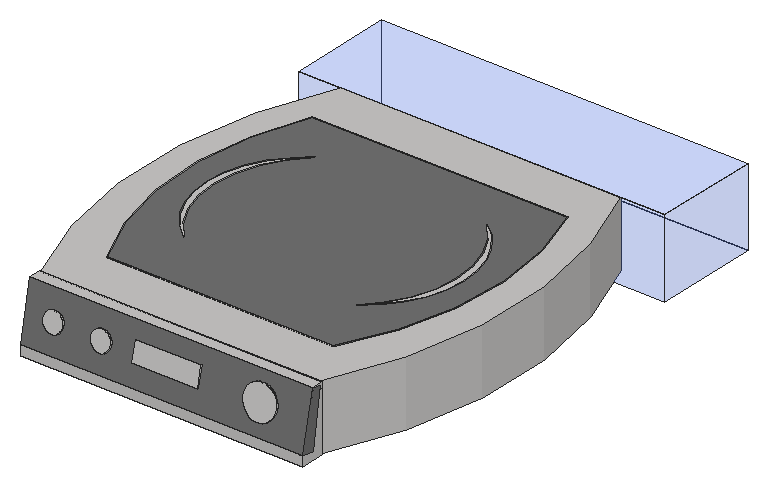
Revit family "QF_Vollrath 59500P", category Specialty Equipment, Revit 2016
Family settings
  Part Type = Normal
  Round Connector Dimension = Use Diameter
  OmniClass Number = 23.40.40.14.17.14
  OmniClass Title = Hot Plates
  Work Plane-Based = No
  Always vertical = Yes
  Cut with Voids When Loaded = No
  Shared = No
  Room Calculation Point = No
Parameters (values of type "59500P")
  Weight in Pounds = 13.65
  Watts = 1800 W
  Watermarked By = "http://revitwatermark.com"
  Volts = 120 V
  URL Cutsheet = ""
  URL = "www.vollrathco.com"
  Status [instance] = ""
  Specification by User [instance] = ""
  Specification by Manufacturer = ""
  Serial Number [instance] = ""
  Seismic Rating [instance] = ""
  Revision Code [instance] = ""
  Phase = 1
  Number of Poles [instance] = 1
  NAFEM Spec ID Number [instance] = ""
  Model = "59500P"
  Masterspec = ""
  Manufacturer = "Vollrath"
  Item Number [instance] = ""
  Installed By [instance] = ""
  Height AFF [instance] = 3' - 0"
  Furnished By [instance] = ""
  Foodservice Equipment Identifier [instance] = yes
  FL Amps = 15 A
  Electrical Remarks [instance] = ""
  Electric Connection Type [instance] = ""
  Elec Conn RI Height [instance] = 0' - 0"
  Elec Conn Connection Height = 0' - 2"
  Description = "Induction Range, Countertop"
  Cycle = 60 Hz
  Conn Plug = "NEMA 5-15P"
  CSI MasterFormat = "11 42 13"
  Assembly Code = "E1090320"
  Apparent Power = if(Phase = 3, Volts * FL Amps * 1.73, Volts * FL Amps)  # 1800 VA
Reference planes (in)
  plane 1: z = 0
  plane 2 "LEFT": x = 48
  plane 3 "BACK": y = -48.065
  plane 4 "BOTTOM": z = 36
  plane 5 "FRONT": y = -63.315
  plane 6 "TOP": z = 39
  plane 7: y = -44.065
  plane 8 "RIGHT": x = 62
  plane 9: z = 36.5
  plane 10: z = 38
  plane 11: x = 50
Forms (in)
  Extrusion 1, solid, material "QF_Finishes_Stainless Steel"
    sketch origin (0, 0, 0) x (1, 0, 0) y (0, 1, 0)
      loop
        line (50.6012, -60.49075) -> (59.26879, -60.49075)
        arc (59.26879, -60.49075) -> (60.7812, -55.30043) -> (59.81973, -49.98043) r 11.79794
        line (59.81973, -49.98043) -> (50.05026, -49.98043)
        arc (50.05026, -49.98043) -> (49.08879, -55.30043) -> (50.6012, -60.49075) r 11.79794
      loop
        line (60.31475, -48.065) -> (49.5999, -48.065)
        arc (49.5999, -48.065) -> (47.99244, -55.22951) -> (49.5999, -62.39402) r 16.77005
        line (49.5999, -62.39402) -> (60.31475, -62.39402)
        arc (60.31475, -62.39402) -> (62.01806, -55.22951) -> (60.31475, -48.065) r 15.91951
    from 36.5 to 39
  Extrusion 2, solid, material "QF_Finishes_Grey"
    sketch origin (0, 0, 0) x (1, 0, 0) y (0, 1, 0)
      loop
        arc (50.05026, -49.98043) -> (49.08879, -55.30043) -> (50.6012, -60.49075) r 11.79794
        line (50.6012, -60.49075) -> (59.26879, -60.49075)
        arc (59.26879, -60.49075) -> (60.7812, -55.30043) -> (59.81973, -49.98043) r 11.79794
        line (59.81973, -49.98043) -> (50.05026, -49.98043)
      loop
        arc (51.64059, -58.08067) -> (50.30465, -54.95567) -> (51.64059, -51.83067) r 4.32294
        arc (51.64059, -51.83067) -> (50.04212, -54.95567) -> (51.64059, -58.08067) r 3.85391
      loop
        arc (58.2294, -58.08067) -> (59.82788, -54.95567) -> (58.2294, -51.83067) r 3.85391
        arc (58.2294, -51.83067) -> (59.56534, -54.95567) -> (58.2294, -58.08067) r 4.32294
    from 36.5 to 39
  Extrusion 3, solid, material "QF_Finishes_Stainless Steel"
    sketch origin (0, -1, 0) x (1, 0, 0) y (0, 1, 0)
      loop
        arc (58.2294, -57.08067) -> (59.82788, -53.95567) -> (58.2294, -50.83067) r 3.85391
        arc (58.2294, -50.83067) -> (59.56534, -53.95567) -> (58.2294, -57.08067) r 4.32294
      loop
        arc (51.64059, -50.83067) -> (50.04212, -53.95567) -> (51.64059, -57.08067) r 3.85391
        arc (51.64059, -57.08067) -> (50.30465, -53.95567) -> (51.64059, -50.83067) r 4.32294
    from 36.5 to 39
  Extrusion 4, solid, material "QF_Finishes_Stainless Steel"
    sketch origin (0, 0, 0) x (1, 0, 0) y (0, 1, 0)
      loop
        circle (50.00787, -48.71869) r 0.25
      loop
        circle (59.75787, -48.71869) r 0.25
      loop
        circle (59.75787, -59.21869) r 0.25
      loop
        circle (50.14153, -59.21869) r 0.25
    from 36 to 36.5
  Extrusion 5, solid, material "QF_Finishes_Stainless Steel"
    sketch origin (48, 0.00545, 0.03878) x (0, 1, 0) y (0, 0, 1)
      loop
        line (-62.86202, 38.96122) -> (-62.47623, 38.89663) -> (-62.77961, 36.73791) -> (-63.32045, 36.83193) -> (-63.32045, 36.46122) -> (-62.39947, 36.46122) -> (-62.39947, 38.96122) -> (-62.86202, 38.96122)
    from 1.56 to 12.36999
  Extrusion 6, solid, material "QF_Finishes_Stainless Steel"
    sketch origin (0, -53.66876, 20.05309) x (1, 0, 0) y (0, 0.210477, 0.977599)
      loop
        circle (58.56, 15.52979) r 0.6417
      loop
        line (56.23101, 15.95768) -> (53.73101, 15.95768) -> (53.73101, 15.20768) -> (56.23101, 15.20768) -> (56.23101, 15.95768)
      loop
        circle (52.47736, 15.49961) r 0.38574
      loop
        circle (50.64511, 15.49961) r 0.38574
    from 12.96987 to 13
  Extrusion 7, solid, material "QF_Finishes_Grey"
    sketch origin (48, 0, 0) x (0, 1, 0) y (0, 0, 1)
      loop
        line (-62.85656, 39) -> (-63.315, 36.87071) -> (-62.77416, 36.7767) -> (-62.47078, 38.93541) -> (-62.85656, 39)
    from 1.56 to 12.36999
  Extrusion 8, solid, material "QF_Finishes_Clearances"
    sketch origin (0, 0, 0) x (1, 0, 0) y (0, 1, 0)
      loop
        line (48, -44.065) -> (48, -48.065) -> (62, -48.065) -> (62, -44.065) -> (48, -44.065)
    from 36 to 39
  Extrusion 9, solid, material "QF_Finishes_Stainless Steel"
    sketch origin (0, -48.065, 0) x (1, 0, 0) y (0, 0, 1)
      loop
        circle (50, 38) r 0.25
    from -0.18532 to 0
Lines and regions (in)
  symbolic lines
    curve 1: arc (49.5999, -48.065, 0) -> (47.99244, -55.22951, 0) -> (49.5999, -62.39402, 0) r 16.77005
    curve 2: arc (50.05026, -49.98043, 0) -> (49.08879, -55.30043, 0) -> (50.6012, -60.49075, 0) r 11.79794
    curve 3: line (50.6012, -60.49075, 0) -> (59.26879, -60.49075, 0)
    curve 4: arc (51.64059, -58.08067, 0) -> (50.30465, -54.95567, 0) -> (51.64059, -51.83067, 0) r 4.32294
    curve 5: arc (51.64059, -51.83067, 0) -> (50.04212, -54.95567, 0) -> (51.64059, -58.08067, 0) r 3.85391
    curve 6: arc (58.2294, -51.83067, 0) -> (59.56534, -54.95567, 0) -> (58.2294, -58.08067, 0) r 4.32294
    curve 7: arc (58.2294, -58.08067, 0) -> (59.82788, -54.95567, 0) -> (58.2294, -51.83067, 0) r 3.85391
    curve 8: arc (59.26879, -60.49075, 0) -> (60.7812, -55.30043, 0) -> (59.81973, -49.98043, 0) r 11.79794
    curve 9: line (59.81973, -49.98043, 0) -> (50.05026, -49.98043, 0)
    curve 10: arc (60.31475, -62.39402, 0) -> (62.01806, -55.22951, 0) -> (60.31475, -48.065, 0) r 15.91951
    curve 11: line (60.31475, -62.39402, 0) -> (49.5999, -62.39402, 0)
    curve 12: line (49.56, -63.315, 0) -> (60.36999, -63.315, 0)
    curve 13: line (49.56, -62.47078, 0) -> (49.56, -63.315, 0)
    curve 14: line (60.36999, -63.315, 0) -> (60.36999, -62.28335, 0)
    curve 15: line (49.56, -62.30897, 0) -> (49.56, -63.315, 0)
    curve 16: line (49.5999, -48.065, 0) -> (60.31475, -48.065, 0)
Dimensions and locks (in)
  "Height AFF": plane 4 "BOTTOM" to level
  plane 5 "FRONT" to plane 3 "BACK" = 1' - 3 1/4"
  locked: plane 3 "BACK" to plane 7 at 4
  plane 2 "LEFT" to plane 8 "RIGHT" = 1' - 2"
  locked: plane 9 to plane 4 "BOTTOM" at 0.5
  locked: plane 6 "TOP" to plane 9 at 2.5
  locked: Extrusion 6 to plane 4 "BOTTOM" at 1.6563
  plane 11 to plane 2 "LEFT" = 0' - 2"
  locked: plane 4 "BOTTOM" to Extrusion 9 sketch curve at 2
  aligned and locked: level to plane 1
  aligned and locked: plane 6 "TOP" to Extrusion 2
  aligned and locked: Extrusion 1 to Extrusion 2
  aligned and locked: Extrusion 1 to Extrusion 3
  aligned and locked: plane 6 "TOP" to Extrusion 3
  aligned and locked: plane 6 "TOP" to Extrusion 1
  aligned and locked: Extrusion 1 to Extrusion 4
  aligned and locked: plane 6 "TOP" to Extrusion 5
  aligned and locked: Extrusion 4 to plane 4 "BOTTOM"
  aligned and locked: Extrusion 1 to plane 9
  aligned and locked: Extrusion 2 to plane 9
  aligned and locked: Extrusion 1 to plane 6 "TOP"
  aligned and locked: plane 6 "TOP" to Extrusion 5 sketch curve
  aligned and locked: Extrusion 5 sketch curve to plane 9
  aligned and locked: Extrusion 5 sketch curve to plane 5 "FRONT"
  aligned and locked: Extrusion 5 sketch curve to Extrusion 1
  aligned and locked: Extrusion 7 sketch curve to Extrusion 5  (x3)
  aligned and locked: Extrusion 5 to Extrusion 7
  aligned and locked: Extrusion 7 to Extrusion 5
  aligned and locked: plane 6 "TOP" to Extrusion 8
  aligned and locked: Extrusion 8 to plane 4 "BOTTOM"
Automatic sketch dimensions
  plane 3 "BACK" to Extrusion 1 sketch curve = 0' - 0"
  Extrusion 1 sketch curve to plane 2 "LEFT" = 0' - 1.90145"
  plane 2 "LEFT" to Extrusion 1 sketch curve = 0' - 0.99944"
  plane 2 "LEFT" to Extrusion 1 sketch curve = 0' - 1.5999"  (x2)
  Extrusion 1 sketch curve to Extrusion 1 sketch curve = 0' - 0.45037"
  Extrusion 1 sketch curve to Extrusion 1 sketch curve = 0' - 1.00131"
  plane 8 "RIGHT" to Extrusion 1 sketch curve = 0' - 2.73121"
  plane 3 "BACK" to Extrusion 1 sketch curve = 0' - 1.91543"
  plane 8 "RIGHT" to Extrusion 1 sketch curve = 0' - 2.18027"
  plane 8 "RIGHT" to Extrusion 1 sketch curve = 0' - 1.68525"  (x2)
  plane 5 "FRONT" to Extrusion 1 sketch curve = 0' - 0.92098"
  plane 8 "RIGHT" to Extrusion 1 sketch curve = 0' - 1.12944"
  Extrusion 1 sketch curve to plane 8 "RIGHT" = 0' - 2.76249"
  Extrusion 1 sketch curve to Extrusion 1 sketch curve = 0' - 1.90328"
  plane 2 "LEFT" to Extrusion 2 sketch curve = 0' - 0.99944"
  plane 2 "LEFT" to Extrusion 2 sketch curve = 0' - 2.05026"
  plane 2 "LEFT" to Extrusion 2 sketch curve = 0' - 2.6012"
  Extrusion 2 sketch curve to Extrusion 2 sketch curve = 0' - 1.59032"
  Extrusion 2 sketch curve to Extrusion 2 sketch curve = 0' - 1.03938"  (x2)
  Extrusion 2 sketch curve to Extrusion 2 sketch curve = 0' - 2.25544"
  Extrusion 2 sketch curve to Extrusion 2 sketch curve = 0' - 0.73156"  (x2)
  Extrusion 2 sketch curve to Extrusion 2 sketch curve = 0' - 0.61482"
  plane 8 "RIGHT" to Extrusion 2 sketch curve = 0' - 3.7706"  (x2)
  plane 3 "BACK" to Extrusion 2 sketch curve = 0' - 1.91543"
  plane 8 "RIGHT" to Extrusion 2 sketch curve = 0' - 2.18027"
  plane 8 "RIGHT" to Extrusion 2 sketch curve = 0' - 1.12944"
  Extrusion 2 sketch curve to Extrusion 2 sketch curve = 0' - 1.85024"  (x2)
  Extrusion 2 sketch curve to Extrusion 2 sketch curve = 0' - 2.85217"
  Extrusion 2 sketch curve to Extrusion 2 sketch curve = 0' - 3 1/8"
  Extrusion 2 sketch curve to Extrusion 2 sketch curve = 0' - 0"
  plane 2 "LEFT" to Extrusion 3 sketch curve = 0' - 3.64059"  (x2)
  Extrusion 3 sketch curve to Extrusion 3 sketch curve = 0' - 2.25544"
  Extrusion 3 sketch curve to Extrusion 3 sketch curve = 0' - 0.73156"  (x2)
  Extrusion 3 sketch curve to Extrusion 3 sketch curve = 0' - 0.61482"
  plane 8 "RIGHT" to Extrusion 3 sketch curve = 0' - 3.7706"  (x2)
  plane 5 "FRONT" to Extrusion 3 sketch curve = 0' - 5.23433"  (x2)
  Extrusion 3 sketch curve to Extrusion 3 sketch curve = 0' - 3 1/8"
  Extrusion 3 sketch curve to Extrusion 3 sketch curve = 0' - 0"
  plane 3 "BACK" to Extrusion 4 sketch curve = 0' - 0.65369"  (x2)
  plane 2 "LEFT" to Extrusion 4 sketch curve = 0' - 2.00787"
  plane 2 "LEFT" to Extrusion 4 sketch curve = 0' - 2.14153"
  plane 8 "RIGHT" to Extrusion 4 sketch curve = 0' - 2.24213"  (x2)
  plane 5 "FRONT" to Extrusion 4 sketch curve = 0' - 4.09631"  (x2)
  plane 5 "FRONT" to Extrusion 5 sketch curve = 0' - 0.45844"
  Extrusion 5 sketch curve to Extrusion 5 sketch curve = 0' - 0.38014"
  Extrusion 5 sketch curve to plane 6 "TOP" = 0' - 0.06459"
  Extrusion 5 sketch curve to Extrusion 5 sketch curve = 0' - 0.07675"
  plane 9 to Extrusion 5 sketch curve = 0' - 0.2767"
  Extrusion 5 sketch curve to Extrusion 5 sketch curve = 0' - 0.37071"
  Extrusion 7 sketch curve to plane 5 "FRONT" = 0' - 0"
  Extrusion 7 sketch curve to plane 6 "TOP" = 0' - 0"
  Extrusion 6 sketch curve to Extrusion 6 sketch curve = 0' - 0"  (x7)
  plane 2 "LEFT" to Extrusion 6 sketch curve = 0' - 2.25937"
  Extrusion 6 sketch curve to Extrusion 6 sketch curve = 0' - 0.38574"  (x2)
  Extrusion 6 sketch curve to Extrusion 6 sketch curve = 0' - 1.06078"
  Extrusion 6 sketch curve to Extrusion 6 sketch curve = 0' - 0.86791"
  Extrusion 6 sketch curve to Extrusion 6 sketch curve = 0' - 2 1/2"
  Extrusion 6 sketch curve to Extrusion 6 sketch curve = 0' - 1.6873"
  Extrusion 6 sketch curve to Extrusion 6 sketch curve = 0' - 0.6417"
  Extrusion 6 sketch curve to Extrusion 6 sketch curve = 0' - 0.29194"
  Extrusion 6 sketch curve to Extrusion 6 sketch curve = 0' - 0.32212"
  Extrusion 6 sketch curve to Extrusion 6 sketch curve = 0' - 0 3/4"
  Extrusion 8 sketch curve to plane 2 "LEFT" = 0' - 0"
  plane 3 "BACK" to Extrusion 8 sketch curve = 0' - 0"
  Extrusion 8 sketch curve to plane 8 "RIGHT" = 0' - 0"
  Extrusion 8 sketch curve to plane 7 = 0' - 0"
  Extrusion 9 sketch curve to plane 11 = 0' - 0"
  curve 15 to plane 5 "FRONT" = 0' - 0"
  plane 3 "BACK" to curve 16 = 0' - 0"
  curve 10 to plane 2 "LEFT" = 0' - 1.90145"
  plane 2 "LEFT" to curve 8 = 0' - 0.99944"
  curve 15 to plane 11 = 0' - 0.44"
  curve 13 to curve 1 = 0' - 0.0399"
  curve 1 to plane 11 = 0' - 0.4001"
  plane 11 to curve 9 = 0' - 0.05026"
  plane 11 to curve 2 = 0' - 0.6012"
  plane 11 to curve 4 = 0' - 1.64059"
  plane 11 to curve 5 = 0' - 1.64059"
  curve 4 to curve 5 = 0' - 2.25544"
  curve 5 to curve 4 = 0' - 0.73156"
  curve 4 to curve 6 = 0' - 0.61482"
  curve 6 to curve 7 = 0' - 0.73156"
  plane 8 "RIGHT" to curve 7 = 0' - 3.7706"
  plane 8 "RIGHT" to curve 6 = 0' - 3.7706"
  curve 7 to curve 8 = 0' - 1.03938"
  plane 8 "RIGHT" to curve 9 = 0' - 2.18027"
  plane 5 "FRONT" to curve 10 = 0' - 0.92098"
  plane 8 "RIGHT" to curve 10 = 0' - 1.68525"
  plane 8 "RIGHT" to curve 16 = 0' - 1.68525"
  curve 11 to curve 14 = 0' - 0.05524"
  plane 8 "RIGHT" to curve 2 = 0' - 1.12944"
  curve 1 to plane 8 "RIGHT" = 0' - 2.76249"
  curve 13 to curve 11 = 0' - 0.07675"
  curve 15 to curve 2 = 0' - 1.81822"
  curve 2 to curve 5 = 0' - 2.41008"
  curve 3 to curve 7 = 0' - 2.41008"
  curve 7 to curve 7 = 0' - 3 1/8"
  curve 5 to curve 6 = 0' - 0"
  curve 2 to curve 7 = 0' - 2.85217"
  radius of Extrusion 4 sketch curve = 0' - 0 1/4"  (x4)
  radius of Extrusion 9 sketch curve = 0' - 0 1/4"
Connectors (in)
  electrical at (50, -47.87968, 38), driven by "Number of Poles", driven by "Volts", driven by "Apparent Power"
    settings: on Extrusion 9, index 1, voltage 120 V, apparent load 1800 VA, apparent load phase1 0 VA, apparent load phase2 0 VA, apparent load phase3 0 VA, power factor 1, load classification "Other", number of poles 1, system type 30, power factor state 1, is connector primary yes, connector utility no, sub classification motor no, connector description "Electric Connection"
